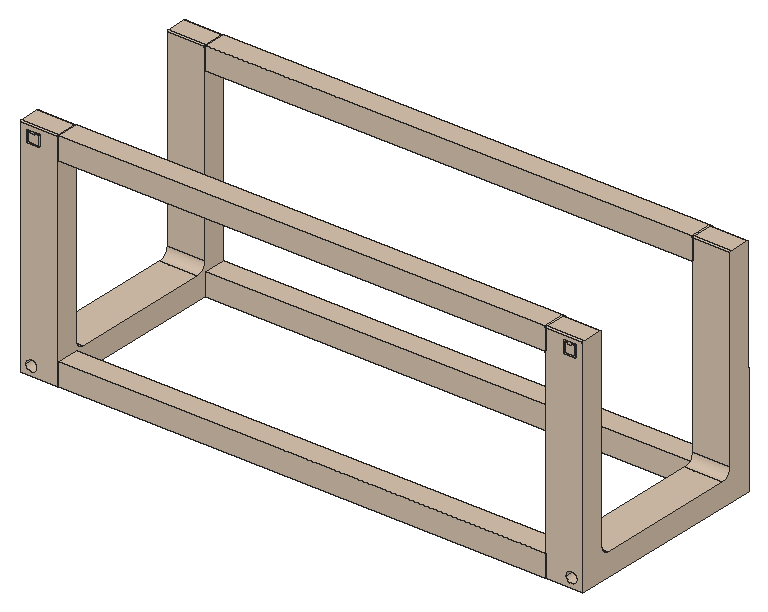
Revit family "Accessory-Towel_Bar-KOHLER-Stages-K-27353T_1", category Specialty Equipment, host Face, Revit 2021
Family settings
  Host = Face
  Round Connector Dimension = Use Diameter
  Part Type = Normal
  OmniClass Number = 23.31.25.25
  OmniClass Title = Towel Bars
  Cut with Voids When Loaded = No
  Shared = No
  Room Calculation Point = No
Parameters (values of type "AF-Vibrant French Gold")
  Width = 4 185/256"  # constant formula
  WaterSense Certified = 1 = 0  # no
  URL = "http://www.kohler.com.cn/"
  Type = 1
  Product Page URL = "https://www.kohler.com.cn/product/K-27353T-CP/K-27353T-AF/"
  Product Name = "Stages"  # constant formula
  Product Documentation Link = "https://files.kohler.com.cn/pdfs/1525252490115_1334745-2_A-sms.pdf"
  Model = if(Type = 1, "K-27353T-AF", if(Type = 2, "K-27353T-BL", if(Type = 3, "K-27353T-BN", if(Type = 4, "K-27353T-CP", if(Type = 5, "K-27353T-RGD", "NA")))))  # "K-27353T-AF"
  Material = "Premium Metal Construction"  # constant formula
  Master Format 2014 Name = "Toilet, Bath, and Laundry Accessories"  # constant formula
  Master Format 2014 = "10 28 00"  # constant formula
  Manufacturer Address = "Kohler Beijing Office (100016) 36-2-03-B, No. 88, Liuxiang Road, Beijing"  # constant formula
  Manufacturer = "Kohler Co."  # constant formula
  Length = 11 13/16"  # constant formula
  Height = 4 85/256"  # constant formula
  Finish = Kohler-Metal-AF-Vibrant_French_Gold
  Environmental Product Declaration = ""
  Description = "Grid Rack (300mm)"  # constant formula
  Default Elevation = 42"
  Declare Label = ""
  Date Modified = "11/28/2022"  # constant formula
  Date Created = "11/28/2022"  # constant formula
  Copyright = "Copyright Kohler Co."  # constant formula
  Contact Us = "http://www.kohler.com.cn/contact/contact-us/"
  Assembly Code = "C1030200"
  ADA Compliant = 1 = 0  # no
Types (6): name | Type | Product Page URL | Model | Finish
  (no name) | 1 | "https://www.kohler.com.cn/product/K-27353T-CP/K-27353T-AF/" | "K-27353T-AF" | Kohler-Metal-AF-Vibrant_French_Gold
  AF-Vibrant French Gold | 1 | "https://www.kohler.com.cn/product/K-27353T-CP/K-27353T-AF/" | "K-27353T-AF" | Kohler-Metal-AF-Vibrant_French_Gold
  BL-Matte Black | 2 | "https://www.kohler.com.cn/product/K-27353T-CP/K-27353T-BL/" | "K-27353T-BL" | Kohler-Metal-BL-Matte_Black
  BN-Vibrant Brushed Nickel | 3 | "https://www.kohler.com.cn/product/K-27353T-CP/K-27353T-BN/" | "K-27353T-BN" | Kohler-Metal-BN-Vibrant_Brushed_Nickel
  CP-Polished Chrome | 4 | "https://www.kohler.com.cn/product/K-27353T-CP/K-27353T-CP/" | "K-27353T-CP" | Kohler-Metal-CP-Polished_Chrome
  RGD-Polished Rose Gold | 5 | "https://www.kohler.com.cn/product/K-27353T-CP/K-27353T-RGD/" | "K-27353T-RGD" | Kohler-Metal-RGD-Polished_Rose_Gold
Reference planes (in)
  plane 1 "Center (Front/Back)": y = 0
  plane 2: z = 0
  plane 3 "Center (Left/Right)": x = 0
  plane 4: y = 2.16535
  plane 5: y = -2.16668
  plane 6: x = -5.90551
  plane 7: x = 5.90699
  plane 8: y = 1.69291
  plane 9: y = -1.69291
  plane 10: x = -5.11811
  plane 11: x = 5.11811
  plane 12: z = 4.72266
  plane 13: z = 4.25197
  plane 14: z = 0.47246
Dimensions and locks (in)
  "Length": plane 6 to plane 7
  "Height": plane 4 to plane 5
  "Width": level to plane 12
  plane 6 to plane 10 = 0.7874"
  plane 12 to level = 4 185/256"
  plane 12 to plane 13 = 0.47069"
  plane 4 to plane 8 = 0.47244"
  aligned and locked: plane 2 to host face
  aligned and locked: level to host face
  aligned and locked: plane 3 "Center (Left/Right)" to nested 1
  aligned and locked: plane 1 "Center (Front/Back)" to nested 1
Automatic sketch dimensions
  host sketch curve to host sketch curve = 96"  (x2)
Nested families (in)
  nested 1: "K-27353T" at (0, 0, 0), type "K-27353T"
Definition of nested family "K-27353T"
  Parameters
    Material = none
    Default Elevation = 0"
  Reference planes (in)
    plane 1 "Center (Front/Back)": y = 0
    plane 2: z = 0
    plane 3 "Center (Left/Right)": x = 0
    plane 4: z = 2.3622
    plane 5: y = 1.10601
    plane 6: x = 5.51181
    plane 7: y = -1.10601
    plane 8: x = 5.51181
    plane 9: y = 1.10601
    plane 10: x = -5.51181
    plane 11: y = -1.10601
    plane 12: x = -5.51181
    plane 13: x = 5.51181
    plane 14: y = 1.10601
    plane 15: x = 5.51181
    plane 16: y = -1.10601
    plane 17: x = -5.51181
    plane 18: y = 1.10601
    plane 19: x = -5.51181
    plane 20: y = -1.10601
    plane 21: x = -5.90551
    plane 22: x = -5.11811
    plane 23: x = 5.11811
    plane 24: x = 5.90551
    plane 25: z = 0.47246
    plane 26: z = 4.72443
    plane 27: y = 2.16535
    plane 28: y = 1.6929
    plane 29: y = -1.69299
    plane 30: y = -2.16535
    plane 31: z = 4.25207
    plane 32: x = -6.02362
    plane 33: x = -5
    plane 34: y = 2.28346
    plane 35: y = 1.57479
    plane 36: x = 5
    plane 37: x = 6.02362
    plane 38: y = -1.57488
    plane 39: z = 4.84254
    plane 40: z = 4.13396
    plane 41: z = 0.59057
    plane 42: y = -2.28346
  Forms (in)
    Extrusion 1, solid, material <- "Material", detail levels medium+fine
      sketch origin (0, 0, 0.01968) x (0, 1, 0) y (0, 0, 1)
        loop
          line (-2.16535, 4.673) -> (-2.16535, -0.01948) -> (2.16535, -0.01948) -> (2.16535, 4.67306)
          arc (2.16535, 4.67306) -> (2.15607, 4.69547) -> (2.13367, 4.70475) r 0.03169
          line (2.13367, 4.70475) -> (1.72434, 4.70475)
          arc (1.72434, 4.70475) -> (1.70211, 4.69554) -> (1.6929, 4.67331) r 0.03143
          line (1.6929, 4.67331) -> (1.6929, 0.64962)
          arc (1.6929, 0.64962) -> (1.63525, 0.51043) -> (1.49605, 0.45277) r 0.19685
          line (1.49605, 0.45277) -> (-1.49614, 0.45277)
          arc (-1.49614, 0.45277) -> (-1.63533, 0.51043) -> (-1.69299, 0.64962) r 0.19685
          line (-1.69299, 0.64962) -> (-1.69299, 4.67431)
          arc (-1.69299, 4.67431) -> (-1.7019, 4.69583) -> (-1.72342, 4.70474) r 0.03043
          line (-1.72342, 4.70474) -> (-2.13361, 4.70474)
          arc (-2.13361, 4.70474) -> (-2.15606, 4.69544) -> (-2.16535, 4.673) r 0.03174
      from 5.11811 to 5.90551
    Extrusion 2, solid, material <- "Material", detail levels medium+fine
      sketch origin (0, 0, 0.01968) x (0, 1, 0) y (0, 0, -1)
        loop
          arc (-2.16535, -4.673) -> (-2.15606, -4.69544) -> (-2.13361, -4.70474) r 0.03174
          line (-2.13361, -4.70474) -> (-1.72342, -4.70474)
          arc (-1.72342, -4.70474) -> (-1.7019, -4.69583) -> (-1.69299, -4.67431) r 0.03043
          line (-1.69299, -4.67431) -> (-1.69299, -0.64962)
          arc (-1.69299, -0.64962) -> (-1.63533, -0.51043) -> (-1.49614, -0.45277) r 0.19685
          line (-1.49614, -0.45277) -> (1.49605, -0.45277)
          arc (1.49605, -0.45277) -> (1.63525, -0.51043) -> (1.6929, -0.64962) r 0.19685
          line (1.6929, -0.64962) -> (1.6929, -4.67331)
          arc (1.6929, -4.67331) -> (1.70211, -4.69554) -> (1.72434, -4.70475) r 0.03143
          line (1.72434, -4.70475) -> (2.13367, -4.70475)
          arc (2.13367, -4.70475) -> (2.15607, -4.69547) -> (2.16535, -4.67306) r 0.03169
          line (2.16535, -4.67306) -> (2.16535, 0.01948) -> (-2.16535, 0.01948) -> (-2.16535, -4.673)
      from 5.11811 to 5.90551
    Extrusion 3, solid, material <- "Material", detail levels medium+fine
      sketch origin (0, 0, 0.01968) x (1, 0, 0) y (0, 0, 1)
        loop
          line (-5.11811, 4.6795) -> (-5.11811, 4.25641)
          arc (-5.11811, 4.25641) -> (-5.11107, 4.23942) -> (-5.09409, 4.23239) r 0.02402
          line (-5.09409, 4.23239) -> (5.09409, 4.23239)
          arc (5.09409, 4.23239) -> (5.11107, 4.23942) -> (5.11811, 4.25641) r 0.02402
          line (5.11811, 4.25641) -> (5.11811, 4.6795)
          arc (5.11811, 4.6795) -> (5.11072, 4.69735) -> (5.09286, 4.70475) r 0.02525
          line (5.09286, 4.70475) -> (-5.09286, 4.70475)
          arc (-5.09286, 4.70475) -> (-5.11072, 4.69735) -> (-5.11811, 4.6795) r 0.02525
      from 1.69299 to 2.16535
    Extrusion 4, solid, material <- "Material", detail levels medium+fine
      sketch origin (0, 0, 0.01968) x (1, 0, 0) y (0, 0, 1)
        loop
          line (-5.75687, 4.57484) -> (-5.75687, 4.36227)
          arc (-5.75687, 4.36227) -> (-5.7508, 4.34762) -> (-5.73615, 4.34156) r 0.02072
          line (-5.73615, 4.34156) -> (-5.52366, 4.34156)
          arc (-5.52366, 4.34156) -> (-5.50903, 4.34761) -> (-5.50297, 4.36224) r 0.02068
          line (-5.50297, 4.36224) -> (-5.50297, 4.57489)
          arc (-5.50297, 4.57489) -> (-5.509, 4.58943) -> (-5.52353, 4.59545) r 0.02056
          line (-5.52353, 4.59545) -> (-5.73626, 4.59545)
          arc (-5.73626, 4.59545) -> (-5.75083, 4.58941) -> (-5.75687, 4.57484) r 0.02061
        loop
          line (-5.74023, 4.57883) -> (-5.74023, 4.35841) -> (-5.51973, 4.35841) -> (-5.51973, 4.57874) -> (-5.58238, 4.57874)
          arc (-5.58238, 4.57874) -> (-5.5866, 4.56309) -> (-5.60071, 4.55512) r 0.02098
          line (-5.60071, 4.55512) -> (-5.6608, 4.55512)
          arc (-5.6608, 4.55512) -> (-5.67361, 4.56372) -> (-5.67678, 4.57883) r 0.02049
          line (-5.67678, 4.57883) -> (-5.74023, 4.57883)
        loop
          arc (5.75687, 4.57484) -> (5.75083, 4.58941) -> (5.73626, 4.59545) r 0.02061
          line (5.73626, 4.59545) -> (5.52353, 4.59545)
          arc (5.52353, 4.59545) -> (5.509, 4.58943) -> (5.50297, 4.57489) r 0.02056
          line (5.50297, 4.57489) -> (5.50297, 4.36224)
          arc (5.50297, 4.36224) -> (5.50903, 4.34761) -> (5.52366, 4.34156) r 0.02068
          line (5.52366, 4.34156) -> (5.73615, 4.34156)
          arc (5.73615, 4.34156) -> (5.7508, 4.34762) -> (5.75687, 4.36227) r 0.02072
          line (5.75687, 4.36227) -> (5.75687, 4.57484)
        loop
          line (5.74023, 4.57883) -> (5.67678, 4.57883)
          arc (5.67678, 4.57883) -> (5.67361, 4.56372) -> (5.6608, 4.55512) r 0.02049
          line (5.6608, 4.55512) -> (5.60071, 4.55512)
          arc (5.60071, 4.55512) -> (5.5866, 4.56309) -> (5.58238, 4.57874) r 0.02098
          line (5.58238, 4.57874) -> (5.51973, 4.57874) -> (5.51973, 4.35841) -> (5.74023, 4.35841) -> (5.74023, 4.57883)
      from 2.16535 to 2.17192
    Extrusion 5, void
      sketch origin (0, 0, 0.01968) x (0, 1, 0) y (0, 0, 1)
        loop
          line (1.58101, 0.37414) -> (-1.61341, 0.37414)
          arc (-1.61341, 0.37414) -> (-1.64185, 0.36235) -> (-1.65364, 0.33391) r 0.04022
          line (-1.65364, 0.33391) -> (-1.65364, -0.16079) -> (1.481, -0.16079)
          arc (1.481, -0.16079) -> (1.4442, -0.04568) -> (1.47362, 0.07154) r 0.22044
          line (1.47362, 0.07154) -> (1.61467, 0.31584)
          arc (1.61467, 0.31584) -> (1.61467, 0.3547) -> (1.58101, 0.37414) r 0.03887
      from 5.17483 to 5.84875
    Extrusion 6, void
      sketch origin (0, 0, 0.01968) x (0, 1, 0) y (0, 0, -1)
        loop
          arc (1.58101, -0.37414) -> (1.61467, -0.3547) -> (1.61467, -0.31584) r 0.03887
          line (1.61467, -0.31584) -> (1.47362, -0.07154)
          arc (1.47362, -0.07154) -> (1.4442, 0.04568) -> (1.481, 0.16079) r 0.22044
          line (1.481, 0.16079) -> (-1.65364, 0.16079) -> (-1.65364, -0.33391)
          arc (-1.65364, -0.33391) -> (-1.64185, -0.36235) -> (-1.61341, -0.37414) r 0.04022
          line (-1.61341, -0.37414) -> (1.58101, -0.37414)
      from 5.17483 to 5.84875
    Extrusion 7, solid, material <- "Material", detail levels medium+fine
      sketch origin (0, 0, 0.01968) x (0, 1, 0) y (0, 0, 1)
        loop
          line (-1.50518, 0.27518) -> (-1.34683, 0.00091)
          arc (-1.34683, 0.00091) -> (-1.3319, -0.01402) -> (-1.3115, -0.01948) r 0.0408
          line (-1.3115, -0.01948) -> (1.48729, -0.01948)
          arc (1.48729, -0.01948) -> (1.45466, 0.00097) -> (1.45512, 0.03948) r 0.03934
          line (1.45512, 0.03948) -> (1.59119, 0.27515)
          arc (1.59119, 0.27515) -> (1.59119, 0.31481) -> (1.55684, 0.33465) r 0.03967
          line (1.55684, 0.33465) -> (-1.47085, 0.33465)
          arc (-1.47085, 0.33465) -> (-1.50518, 0.31482) -> (-1.50518, 0.27518) r 0.03964
      from 5.21565 to 5.80891
    Extrusion 8, solid, material <- "Material", detail levels medium+fine
      sketch origin (0, 0, 4.74409) x (1, 0, 0) y (0, 0, 1)
        loop
          arc (-5.11811, -4.71885) -> (-5.11072, -4.7367) -> (-5.09286, -4.74409) r 0.02525
          line (-5.09286, -4.74409) -> (5.09286, -4.74409)
          arc (5.09286, -4.74409) -> (5.11072, -4.7367) -> (5.11811, -4.71885) r 0.02525
          line (5.11811, -4.71885) -> (5.11811, -4.29566)
          arc (5.11811, -4.29566) -> (5.11107, -4.27867) -> (5.09409, -4.27164) r 0.02402
          line (5.09409, -4.27164) -> (-5.09409, -4.27164)
          arc (-5.09409, -4.27164) -> (-5.11107, -4.27867) -> (-5.11811, -4.29566) r 0.02402
          line (-5.11811, -4.29566) -> (-5.11811, -4.71885)
      from 1.69299 to 2.16535
    Extrusion 9, solid, material <- "Material", detail levels medium+fine
      sketch origin (0, 0, 0.01968) x (0, 1, 0) y (0, 0, -1)
        loop
          arc (-1.50518, -0.27518) -> (-1.50518, -0.31482) -> (-1.47085, -0.33465) r 0.03964
          line (-1.47085, -0.33465) -> (1.55684, -0.33465)
          arc (1.55684, -0.33465) -> (1.59119, -0.31481) -> (1.59119, -0.27515) r 0.03967
          line (1.59119, -0.27515) -> (1.45512, -0.03948)
          arc (1.45512, -0.03948) -> (1.45466, -0.00097) -> (1.48729, 0.01948) r 0.03934
          line (1.48729, 0.01948) -> (-1.3115, 0.01948)
          arc (-1.3115, 0.01948) -> (-1.3319, 0.01402) -> (-1.34683, -0.00091) r 0.0408
          line (-1.34683, -0.00091) -> (-1.50518, -0.27518)
      from 5.21565 to 5.80891
    Extrusion 10, void
      sketch origin (0, 0, 0) x (1, 0, 0) y (0, 1, 0)
        loop
          circle (5.51181, 1.10601) r 0.19685
      from -0.13004 to 0.05905
    Extrusion 11, void
      sketch origin (0, 0, 0) x (1, 0, 0) y (0, 1, 0)
        loop
          circle (5.51181, -1.10601) r 0.19685
      from -0.13004 to 0.05905
    Extrusion 12, void
      sketch origin (0, 0, 0) x (-1, 0, 0) y (0, -1, 0)
        loop
          circle (5.51181, -1.10601) r 0.19685
      from -0.13004 to 0.05905
    Extrusion 13, void
      sketch origin (0, 0, 0) x (-1, 0, 0) y (0, -1, 0)
        loop
          circle (5.51181, 1.10601) r 0.19685
      from -0.13004 to 0.05905
    Extrusion 14, void
      sketch origin (0, 0, 0) x (1, 0, 0) y (0, 1, 0)
        loop
          circle (5.51181, 1.10601) r 0.10236
      from -0.9476 to 0.15814
    Extrusion 15, void
      sketch origin (0, 0, 0) x (1, 0, 0) y (0, 1, 0)
        loop
          circle (5.51181, -1.10601) r 0.10236
      from -0.9476 to 0.15814
    Extrusion 16, void
      sketch origin (0, 0, 0) x (-1, 0, 0) y (0, -1, 0)
        loop
          circle (5.51181, -1.10601) r 0.10236
      from -0.9476 to 0.15814
    Extrusion 17, void
      sketch origin (0, 0, 0) x (-1, 0, 0) y (0, -1, 0)
        loop
          circle (5.51181, 1.10601) r 0.10236
      from -0.9476 to 0.15814
    Extrusion 18, void
      sketch origin (0, 0, 0) x (1, 0, 0) y (0, 0, 1)
        loop
          circle (5.66929, 0.19685) r 0.11811
      from 1.92913 to 2.23566
    Extrusion 19, void
      sketch origin (0, 0, 0) x (-1, 0, 0) y (0, 0, -1)
        loop
          circle (5.66929, -0.19685) r 0.11811
      from 1.92913 to 2.23566
    Extrusion 20, solid, material <- "Material", detail levels medium+fine
      sketch origin (0, 0, 0) x (1, 0, 0) y (0, 0, 1)
        loop
          circle (5.66929, 0.19685) r 0.08268
      from 1.41732 to 1.92913
    Extrusion 21, solid, material <- "Material", detail levels medium+fine
      sketch origin (0, 0, 0) x (-1, 0, 0) y (0, 0, -1)
        loop
          circle (5.66929, -0.19685) r 0.08268
      from 1.41732 to 1.92913
    Extrusion 22, void
      sketch origin (0, 0, 0) x (1, 0, 0) y (0, 1, 0)
        loop
          circle (5.35433, -1.92913) r 0.09843
      from -0.09312 to 0.07874
    Extrusion 23, void
      sketch origin (0, 0, 0) x (-1, 0, 0) y (0, -1, 0)
        loop
          circle (5.35433, 1.92913) r 0.09843
      from -0.09312 to 0.07874
    Extrusion 24, void
      sketch origin (0, 0, 0) x (1, 0, 0) y (0, 1, 0)
        loop
          circle (5.35433, 1.92913) r 0.09843
      from -0.09312 to 0.07874
    Extrusion 25, void
      sketch origin (0, 0, 0) x (-1, 0, 0) y (0, -1, 0)
        loop
          circle (5.35433, -1.92913) r 0.09843
      from -0.09312 to 0.07874
    Extrusion 26, void
      sketch origin (0, 0, 0) x (1, 0, 0) y (0, 1, 0)
        loop
          circle (5.35433, -1.92913) r 0.07874
      from 0.07874 to 0.2874
    Extrusion 27, void
      sketch origin (0, 0, 0) x (-1, 0, 0) y (0, -1, 0)
        loop
          circle (5.35433, 1.92913) r 0.07874
      from 0.07874 to 0.2874
    Extrusion 28, void
      sketch origin (0, 0, 0) x (-1, 0, 0) y (0, -1, 0)
        loop
          circle (5.35433, -1.92913) r 0.07874
      from 0.07874 to 0.2874
    Extrusion 29, void
      sketch origin (0, 0, 0) x (1, 0, 0) y (0, 1, 0)
        loop
          circle (5.35433, 1.92913) r 0.07874
      from 0.07874 to 0.2874
    Extrusion 30, solid, material <- "Material", detail levels medium+fine
      sketch origin (0, 0, 4.74409) x (1, 0, 0) y (0, 0, -1)
        loop
          line (-5.11811, 4.71885) -> (-5.11811, 4.29566)
          arc (-5.11811, 4.29566) -> (-5.11107, 4.27867) -> (-5.09409, 4.27164) r 0.02402
          line (-5.09409, 4.27164) -> (5.09409, 4.27164)
          arc (5.09409, 4.27164) -> (5.11107, 4.27867) -> (5.11811, 4.29566) r 0.02402
          line (5.11811, 4.29566) -> (5.11811, 4.71885)
          arc (5.11811, 4.71885) -> (5.11072, 4.7367) -> (5.09286, 4.74409) r 0.02525
          line (5.09286, 4.74409) -> (-5.09286, 4.74409)
          arc (-5.09286, 4.74409) -> (-5.11072, 4.7367) -> (-5.11811, 4.71885) r 0.02525
      from 1.69291 to 2.16535
    Extrusion 31, solid, material <- "Material", detail levels medium+fine
      sketch origin (0, 0, 0.01968) x (1, 0, 0) y (0, 0, -1)
        loop
          arc (-5.11811, -4.6795) -> (-5.11072, -4.69735) -> (-5.09286, -4.70475) r 0.02525
          line (-5.09286, -4.70475) -> (5.09286, -4.70475)
          arc (5.09286, -4.70475) -> (5.11072, -4.69735) -> (5.11811, -4.6795) r 0.02525
          line (5.11811, -4.6795) -> (5.11811, -4.25641)
          arc (5.11811, -4.25641) -> (5.11107, -4.23942) -> (5.09409, -4.23239) r 0.02402
          line (5.09409, -4.23239) -> (-5.09409, -4.23239)
          arc (-5.09409, -4.23239) -> (-5.11107, -4.23942) -> (-5.11811, -4.25641) r 0.02402
          line (-5.11811, -4.25641) -> (-5.11811, -4.6795)
      from 1.69291 to 2.16535
    Extrusion 32, solid, material <- "Material", detail levels coarse
      sketch origin (0, 0, 0) x (0, 1, 0) y (0, 0, 1)
        loop
          line (2.28346, 0) -> (2.28346, 4.80317)
          arc (2.28346, 4.80317) -> (2.27193, 4.83101) -> (2.24409, 4.84254) r 0.03937
          line (2.24409, 4.84254) -> (1.61416, 4.84254)
          arc (1.61416, 4.84254) -> (1.58632, 4.83101) -> (1.57479, 4.80317) r 0.03937
          line (1.57479, 4.80317) -> (1.57479, 0.66931)
          arc (1.57479, 0.66931) -> (1.55173, 0.61363) -> (1.49605, 0.59057) r 0.07874
          line (1.49605, 0.59057) -> (-1.49614, 0.59057)
          arc (-1.49614, 0.59057) -> (-1.55182, 0.61363) -> (-1.57488, 0.66931) r 0.07874
          line (-1.57488, 0.66931) -> (-1.57488, 4.80317)
          arc (-1.57488, 4.80317) -> (-1.58641, 4.83101) -> (-1.61425, 4.84254) r 0.03937
          line (-1.61425, 4.84254) -> (-2.24409, 4.84254)
          arc (-2.24409, 4.84254) -> (-2.27193, 4.83101) -> (-2.28346, 4.80317) r 0.03937
          line (-2.28346, 4.80317) -> (-2.28346, 0) -> (2.28346, 0)
      from 5 to 6.02362
    Extrusion 33, solid, material <- "Material", detail levels coarse
      sketch origin (0, 0, 0) x (1, 0, 0) y (0, 0, -1)
        loop
          line (-4.96063, -4.84254) -> (4.96063, -4.84254)
          arc (4.96063, -4.84254) -> (4.98847, -4.83101) -> (5, -4.80317) r 0.03937
          line (5, -4.80317) -> (5, -4.17333)
          arc (5, -4.17333) -> (4.98847, -4.14549) -> (4.96063, -4.13396) r 0.03937
          line (4.96063, -4.13396) -> (-4.96063, -4.13396)
          arc (-4.96063, -4.13396) -> (-4.98847, -4.14549) -> (-5, -4.17333) r 0.03937
          line (-5, -4.17333) -> (-5, -4.80317)
          arc (-5, -4.80317) -> (-4.98847, -4.83101) -> (-4.96063, -4.84254) r 0.03937
      from 1.57479 to 2.28346
    Extrusion 34, solid, material <- "Material", detail levels coarse
      sketch origin (0, 0, 0) x (1, 0, 0) y (0, 0, 1)
        loop
          arc (-5, 0.03937) -> (-4.98847, 0.01153) -> (-4.96063, 0) r 0.03937
          line (-4.96063, 0) -> (4.96063, 0)
          arc (4.96063, 0) -> (4.98847, 0.01153) -> (5, 0.03937) r 0.03937
          line (5, 0.03937) -> (5, 0.5512)
          arc (5, 0.5512) -> (4.98847, 0.57904) -> (4.96063, 0.59057) r 0.03937
          line (4.96063, 0.59057) -> (-4.96063, 0.59057)
          arc (-4.96063, 0.59057) -> (-4.98847, 0.57904) -> (-5, 0.5512) r 0.03937
          line (-5, 0.5512) -> (-5, 0.03937)
      from 1.57488 to 2.28346
    Extrusion 35, solid, material <- "Material", detail levels coarse
      sketch origin (0, 0, 0) x (1, 0, 0) y (0, 0, 1)
        loop
          arc (-4.96063, 4.84254) -> (-4.98847, 4.83101) -> (-5, 4.80317) r 0.03937
          line (-5, 4.80317) -> (-5, 4.17333)
          arc (-5, 4.17333) -> (-4.98847, 4.14549) -> (-4.96063, 4.13396) r 0.03937
          line (-4.96063, 4.13396) -> (4.96063, 4.13396)
          arc (4.96063, 4.13396) -> (4.98847, 4.14549) -> (5, 4.17333) r 0.03937
          line (5, 4.17333) -> (5, 4.80317)
          arc (5, 4.80317) -> (4.98847, 4.83101) -> (4.96063, 4.84254) r 0.03937
          line (4.96063, 4.84254) -> (-4.96063, 4.84254)
      from 1.57479 to 2.28346
    Extrusion 36, solid, material <- "Material", detail levels coarse
      sketch origin (0, 0, 0) x (1, 0, 0) y (0, 0, -1)
        loop
          line (-5, -0.03937) -> (-5, -0.5512)
          arc (-5, -0.5512) -> (-4.98847, -0.57904) -> (-4.96063, -0.59057) r 0.03937
          line (-4.96063, -0.59057) -> (4.96063, -0.59057)
          arc (4.96063, -0.59057) -> (4.98847, -0.57904) -> (5, -0.5512) r 0.03937
          line (5, -0.5512) -> (5, -0.03937)
          arc (5, -0.03937) -> (4.98847, -0.01153) -> (4.96063, 0) r 0.03937
          line (4.96063, 0) -> (-4.96063, 0)
          arc (-4.96063, 0) -> (-4.98847, -0.01153) -> (-5, -0.03937) r 0.03937
      from 1.57488 to 2.28346
    Extrusion 37, solid, material <- "Material", detail levels coarse
      sketch origin (0, 0, 0) x (0, 1, 0) y (0, 0, -1)
        loop
          line (2.28346, 0) -> (-2.28346, 0) -> (-2.28346, -4.80317)
          arc (-2.28346, -4.80317) -> (-2.27193, -4.83101) -> (-2.24409, -4.84254) r 0.03937
          line (-2.24409, -4.84254) -> (-1.61425, -4.84254)
          arc (-1.61425, -4.84254) -> (-1.58641, -4.83101) -> (-1.57488, -4.80317) r 0.03937
          line (-1.57488, -4.80317) -> (-1.57488, -0.66931)
          arc (-1.57488, -0.66931) -> (-1.55182, -0.61363) -> (-1.49614, -0.59057) r 0.07874
          line (-1.49614, -0.59057) -> (1.49605, -0.59057)
          arc (1.49605, -0.59057) -> (1.55173, -0.61363) -> (1.57479, -0.66931) r 0.07874
          line (1.57479, -0.66931) -> (1.57479, -4.80317)
          arc (1.57479, -4.80317) -> (1.58632, -4.83101) -> (1.61416, -4.84254) r 0.03937
          line (1.61416, -4.84254) -> (2.24409, -4.84254)
          arc (2.24409, -4.84254) -> (2.27193, -4.83101) -> (2.28346, -4.80317) r 0.03937
          line (2.28346, -4.80317) -> (2.28346, 0)
      from 5 to 6.02362
  Cuts and joins
    Extrusion 5, Extrusion 6, Extrusion 18, Extrusion 19, Extrusion 22, Extrusion 23, Extrusion 24, Extrusion 26, Extrusion 27, Extrusion 29 cuts Extrusion 1
    Extrusion 6, Extrusion 19, Extrusion 23, Extrusion 25, Extrusion 27, Extrusion 28 cuts Extrusion 2
    Extrusion 10, Extrusion 11, Extrusion 12, Extrusion 13, Extrusion 14, Extrusion 15, Extrusion 16, Extrusion 17 cuts Extrusion 7
    Extrusion 12, Extrusion 13, Extrusion 16, Extrusion 17 cuts Extrusion 9
  Lines and regions (in)
    Masking region 1
      outline origin (0, 0, 0) x (1, 0, 0) y (0, 1, 0)
        loop
          line (-5.90551, 2.16535) -> (-5.90551, -2.16535) -> (5.90551, -2.16535) -> (5.90551, 2.16535) -> (-5.90551, 2.16535)
        loop
          line (-5.11811, 1.6929) -> (-5.11811, -1.69299) -> (5.11811, -1.69299) -> (5.11811, 1.6929) -> (-5.11811, 1.6929)
    Masking region 2
      outline origin (0, 0, 0) x (1, 0, 0) y (0, 0, 1)
        loop
          line (-5.90551, 4.72443) -> (-5.90551, 0) -> (5.90551, 0) -> (5.90551, 4.72443) -> (-5.90551, 4.72443)
        loop
          line (-5.11811, 4.25207) -> (-5.11811, 0.47246) -> (5.11811, 0.47246) -> (5.11811, 4.25207) -> (-5.11811, 4.25207)
    Masking region 3
      outline origin (0, 0, 0) x (0, 1, 0) y (0, 0, 1)
        loop
          arc (2.16535, 4.69383) -> (2.15639, 4.71547) -> (2.13475, 4.72443) r 0.0306
          line (2.13475, 4.72443) -> (1.72361, 4.72443)
          arc (1.72361, 4.72443) -> (1.7019, 4.71544) -> (1.6929, 4.69372) r 0.03071
          line (1.6929, 4.69372) -> (1.6929, 0.66931)
          arc (1.6929, 0.66931) -> (1.63525, 0.53011) -> (1.49605, 0.47246) r 0.19685
          line (1.49605, 0.47246) -> (-1.49606, 0.47246)
          arc (-1.49606, 0.47246) -> (-1.63526, 0.53011) -> (-1.69291, 0.66931) r 0.19685
          line (-1.69291, 0.66931) -> (-1.69291, 4.69372)
          arc (-1.69291, 4.69372) -> (-1.70191, 4.71544) -> (-1.72362, 4.72443) r 0.03071
          line (-1.72362, 4.72443) -> (-2.13465, 4.72443)
          arc (-2.13465, 4.72443) -> (-2.15636, 4.71544) -> (-2.16535, 4.69372) r 0.03071
          line (-2.16535, 4.69372) -> (-2.16535, 0) -> (2.16535, 0) -> (2.16535, 4.69383)
    symbolic lines, detail levels medium+fine
      curve 1: line (5.14965, 0, 0.05905) -> (5.87402, 0, 0.05905)
      curve 2: line (-5.11811, 1.6929, 0) -> (-5.11811, 2.16535, 0)
      curve 3: line (-5.90551, -1.69299, 0) -> (-5.11811, -1.69299, 0)
      curve 4: line (-5.11811, -1.69299, 0) -> (-5.11811, -2.16535, 0)
      curve 5: line (5.11811, 1.6929, 0) -> (5.11811, 2.16535, 0)
      curve 6: line (5.11811, -1.69299, 0) -> (5.11811, -2.16535, 0)
      curve 7: line (-5.84252, 2.13386, 0) -> (-5.14961, 2.13386, 0)
      curve 8: line (-5.14961, 2.13386, 0) -> (-5.14961, 1.72441, 0)
      curve 9: line (-5.84252, 1.72441, 0) -> (-5.14961, 1.72441, 0)
      curve 10: line (-5.84252, 2.13386, 0) -> (-5.84252, 1.72441, 0)
      curve 11: line (-5.84252, -2.13386, 0) -> (-5.14961, -2.13386, 0)
      curve 12: line (-5.14961, -2.13386, 0) -> (-5.14961, -1.72441, 0)
      curve 13: line (-5.84252, -1.72441, 0) -> (-5.14961, -1.72441, 0)
      curve 14: line (-5.84252, -2.13386, 0) -> (-5.84252, -1.72441, 0)
      curve 15: line (-5.11811, 2.13386, 0) -> (5.11811, 2.13386, 0)
      curve 16: line (-5.11811, 2.13386, 0) -> (-5.11811, 1.72441, 0)
      curve 17: line (5.11811, 2.13386, 0) -> (5.11811, 1.72441, 0)
      curve 18: line (-5.11811, 1.72441, 0) -> (5.11811, 1.72441, 0)
      curve 19: line (-5.87474, 1.49639, 0) -> (-5.14961, 1.49639, 0)
      curve 20: line (-5.87474, 1.6929, 0) -> (-5.87474, -1.69299, 0)
      curve 21: line (-5.87474, -1.49639, 0) -> (-5.14961, -1.49639, 0)
      curve 22: line (-5.88885, 1.6929, 0) -> (-5.90551, 1.6929, 0)
      curve 23: line (-5.14961, 1.6929, 0) -> (-5.14961, -1.69299, 0)
      curve 24: line (-5.87402, 0, 4.69291) -> (-5.87402, 0, 0)
      curve 25: line (-5.87402, 0, 4.69291) -> (-5.14965, 0, 4.69291)
      curve 26: line (-5.14965, 0, 4.69291) -> (-5.14965, 0, 0)
      curve 27: line (-5.11811, 0, 4.68504) -> (5.11752, 0, 4.68504)
      curve 28: line (-5.11811, 0, 4.68504) -> (-5.11811, 0, 4.29134)
      curve 29: line (-5.11811, 0, 4.29134) -> (5.11752, 0, 4.29134)
      curve 30: line (5.11752, 0, 4.68504) -> (5.11752, 0, 4.29134)
      curve 31: line (0, 2.13405, 4.65217) -> (0, 2.13405, 0)
      curve 32: line (0, 2.12481, 4.66142) -> (0, 1.73346, 4.66142)
      curve 33: line (0, 1.72441, 4.65236) -> (0, 1.72441, 0.66039)
      curve 34: line (0, 1.50497, 0.44094) -> (0, 0.50531, 0.44094)
      curve 35: arc (0, 1.72441, 0.66039) -> (0, 1.66014, 0.50522) -> (0, 1.50497, 0.44094) r 0.21944
      curve 36: line (0, -2.13405, 4.65236) -> (0, -2.13405, 0)
      curve 37: line (0, -2.125, 4.66142) -> (0, -1.73346, 4.66142)
      curve 38: line (0, -1.72441, 4.65236) -> (0, -1.72441, 0.66039)
      curve 39: line (0, -1.50497, 0.44094) -> (0, 0.50531, 0.44094)
      curve 40: arc (0, -1.72441, 0.66039) -> (0, -1.66014, 0.50522) -> (0, -1.50497, 0.44094) r 0.21944
      curve 41: line (-5.11811, 1.6929, 0) -> (-5.90551, 1.6929, 0)
      curve 42: line (5.90551, -1.69299, 0) -> (5.11811, -1.69299, 0)
      curve 43: line (5.84252, 2.13386, 0) -> (5.14961, 2.13386, 0)
      curve 44: line (5.14961, 2.13386, 0) -> (5.14961, 1.72441, 0)
      curve 45: line (5.84252, 1.72441, 0) -> (5.14961, 1.72441, 0)
      curve 46: line (5.84252, 2.13386, 0) -> (5.84252, 1.72441, 0)
      curve 47: line (5.84252, -2.13386, 0) -> (5.14961, -2.13386, 0)
      curve 48: line (5.14961, -2.13386, 0) -> (5.14961, -1.72441, 0)
      curve 49: line (5.84252, -1.72441, 0) -> (5.14961, -1.72441, 0)
      curve 50: line (5.84252, -2.13386, 0) -> (5.84252, -1.72441, 0)
      curve 51: line (5.87474, 1.49639, 0) -> (5.14961, 1.49639, 0)
      curve 52: line (5.87474, 1.6929, 0) -> (5.87474, -1.69299, 0)
      curve 53: line (5.87474, -1.49639, 0) -> (5.14961, -1.49639, 0)
      curve 54: line (5.14961, 1.6929, 0) -> (5.14961, -1.69299, 0)
      curve 55: line (5.11811, 1.6929, 0) -> (5.90551, 1.6929, 0)
      curve 56: line (5.87402, 0, 4.69291) -> (5.87402, 0, 0)
      curve 57: line (5.87402, 0, 4.69291) -> (5.14965, 0, 4.69291)
      curve 58: line (5.14965, 0, 4.69291) -> (5.14965, 0, 0)
      curve 59: arc (0, 2.13405, 4.65217) -> (0, 2.13135, 4.65871) -> (0, 2.12481, 4.66142) r 0.00924
      curve 60: arc (0, 1.73346, 4.66142) -> (0, 1.72706, 4.65876) -> (0, 1.72441, 4.65236) r 0.00906
      curve 61: arc (0, -1.73346, 4.66142) -> (0, -1.72706, 4.65876) -> (0, -1.72441, 4.65236) r 0.00906
      curve 62: arc (0, -2.13405, 4.65236) -> (0, -2.1314, 4.65876) -> (0, -2.125, 4.66142) r 0.00906
      curve 63: line (-5.11811, 0, 4.25207) -> (-5.11811, 0, 0.47246)
      curve 64: line (-5.11811, 0, 0.47246) -> (5.11811, 0, 0.47246)
      curve 65: line (5.11811, 0, 0.47246) -> (5.11811, 0, 4.25207)
      curve 66: line (5.11811, 0, 4.25207) -> (-5.11811, 0, 4.25207)
      curve 67: line (-5.11811, 0, 0.03937) -> (5.08657, 0, 0.03937)
      curve 68: line (-5.11811, 0, 0.03937) -> (-5.11811, 0, 0.43307)
      curve 69: line (-5.11811, 0, 0.43307) -> (5.08657, 0, 0.43307)
      curve 70: line (5.08657, 0, 0.03937) -> (5.08657, 0, 0.43307)
      curve 71: line (-5.11811, 1.6929, 0) -> (-5.11811, -1.69299, 0)
      curve 72: line (-5.11811, -1.69299, 0) -> (5.11811, -1.69299, 0)
      curve 73: line (5.11811, -1.69299, 0) -> (5.11811, 1.6929, 0)
      curve 74: line (5.11811, 1.6929, 0) -> (-5.11811, 1.6929, 0)
      curve 75: line (-5.11811, -2.13386, 0) -> (5.11811, -2.13386, 0)
      curve 76: line (-5.11811, -2.13386, 0) -> (-5.11811, -1.72441, 0)
      curve 77: line (5.11811, -2.13386, 0) -> (5.11811, -1.72441, 0)
      curve 78: line (-5.11811, -1.72441, 0) -> (5.11811, -1.72441, 0)
  Dimensions and locks (in)
    cut or joined group 1 (Extrusion 1, Extrusion 5, Extrusion 6, Extrusion 18, Extrusion 19, Extrusion 22, Extrusion 23, Extrusion 24, Extrusion 26, Extrusion 27, Extrusion 29) to cut or joined group 1 = 0.47237"
    plane 42 to plane 34 = 4.56693"
    plane 21 to plane 22 = 0.7874"
    plane 21 to plane 24 = 11.81102"
    plane 26 to level = 4.72443"
    plane 25 to level = 0.47246"
    plane 29 to plane 30 = 0.47237"
    level to plane 26 = 4.72443"
    aligned and locked: plane 2 to level
